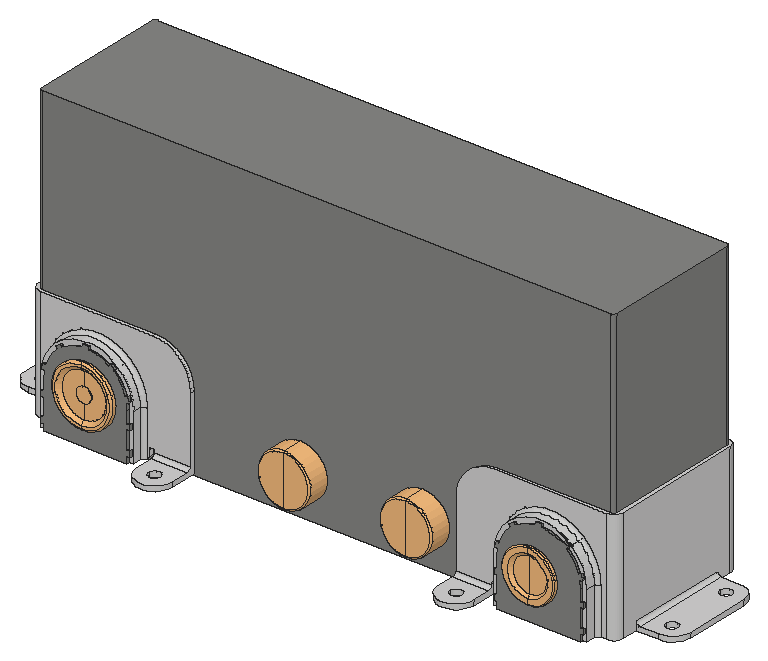
Revit family "Valve-Three_Outlet_Thermostatic-KOHLER-26341W_1", category Plumbing Fixtures, host Face, Revit 2017 (continued)
Definition of nested family "26341W"
  Automatic sketch dimensions
    curve 143 to curve 146 = 0"  (x2)
    curve 143 to curve 147 = 0"  (x2)
    curve 143 to curve 148 = 0"  (x2)
    curve 143 to curve 149 = 0"  (x2)
    curve 143 to curve 150 = 0"  (x2)
    curve 144 to curve 145 = 0"  (x2)
    curve 144 to curve 146 = 0"  (x2)
    curve 144 to curve 147 = 0"  (x2)
    curve 144 to curve 148 = 0"  (x2)
    curve 144 to curve 149 = 0"  (x2)
    curve 144 to curve 150 = 0"  (x2)
    curve 145 to curve 146 = 0"  (x2)
    curve 145 to curve 147 = 0"  (x2)
    curve 145 to curve 148 = 0"  (x2)
    curve 145 to curve 149 = 0"  (x2)
    curve 145 to curve 150 = 0"  (x2)
    curve 146 to curve 147 = 0"  (x2)
    curve 146 to curve 148 = 0"  (x2)
    curve 146 to curve 149 = 0"  (x2)
    curve 146 to curve 150 = 0"  (x2)
    curve 147 to curve 148 = 0"  (x2)
    curve 147 to curve 149 = 0"  (x2)
    curve 147 to curve 150 = 0"  (x2)
    curve 148 to curve 149 = 0"  (x2)
    curve 148 to curve 150 = 0"  (x2)
    curve 149 to curve 150 = 0"  (x2)
    curve 204 to curve 205 = 0"  (x2)
    curve 204 to curve 206 = 0"  (x2)
    curve 204 to curve 207 = 0"  (x2)
    curve 205 to curve 206 = 0"  (x2)
    curve 205 to curve 207 = 0"  (x2)
    curve 206 to curve 207 = 0"  (x2)
    curve 212 to curve 213 = 0"  (x2)
    curve 212 to curve 214 = 0"  (x2)
    curve 212 to curve 215 = 0"  (x2)
    curve 213 to curve 214 = 0"  (x2)
    curve 213 to curve 215 = 0"  (x2)
    curve 214 to curve 215 = 0"  (x2)
    curve 49 to plane 10 = 0"
    curve 40 to level = 0"
    curve 38 to plane 9 "1" = 0"
    curve 75 to level = 0"
    plane 20 to curve 215 = 0"
    curve 207 to plane 11 "A" = 0"
    plane 18 "3" to curve 207 = 0"
    curve 140 to plane 10 = 0"
    curve 132 to level = 0"
    plane 8 "2" to curve 149 = 0"
    curve 97 to level = 0"
    curve 146 to plane 11 "A" = 0"
    curve 214 to plane 11 "A" = 0"
    curve 33 to plane 10 = 0"
    curve 58 to plane 9 "1" = 0.04432"
    curve 56 to curve 58 = 0.43249"
    curve 55 to curve 56 = 0.03644"
    curve 54 to curve 56 = 0.09307"
    curve 55 to curve 53 = 0.03644"
    plane 10 to curve 51 = 0.26874"
    curve 51 to curve 54 = 0.24912"
    plane 10 to curve 52 = 0.15414"
    curve 52 to curve 51 = 0.02857"
    level to curve 40 = 0.1378"
    curve 40 to plane 9 "1" = 0.86125"
    curve 44 to curve 40 = 0"
    curve 47 to curve 44 = 0"
    plane 10 to curve 50 = 0.28306"
    curve 50 to curve 53 = 0.05742"
    curve 45 to curve 44 = 0.05906"
    curve 43 to curve 43 = 0.05906"
    plane 10 to curve 70 = 0.00264"
    curve 70 to curve 48 = 0.09843"
    plane 10 to curve 71 = 0.00659"
    curve 71 to curve 70 = 0.07874"
    plane 4 to curve 21 = 0.84646"
    curve 73 to curve 49 = 0"
    curve 72 to curve 73 = 0"
    plane 9 "1" to curve 60 = 0.07379"
    curve 61 to curve 63 = 0.43249"
    curve 61 to curve 63 = 0.03644"
    curve 61 to curve 64 = 0.09307"
    curve 65 to curve 64 = 0.03644"
    plane 10 to curve 68 = 0.26874"
    curve 68 to curve 73 = 0.14067"
    plane 10 to curve 66 = 0.15414"
    curve 65 to curve 66 = 0.02857"
    curve 75 to curve 84 = 0.09843"
    curve 78 to curve 75 = 0"
    plane 10 to curve 67 = 0.28306"
    curve 65 to curve 67 = 0.05742"
    curve 75 to curve 76 = 0.05906"
    curve 82 to curve 82 = 0.05906"
    curve 30 to curve 85 = 0.00197"
    curve 27 to curve 26 = 0.05118"
    curve 24 to curve 24 = 0.05906"
    curve 22 to plane 14 = 0.41339"
    level to curve 28 = 0.01969"
    plane 14 to curve 28 = 0.37402"
    plane 20 to curve 199 = 0.55703"
    curve 200 to curve 196 = 0.01718"
    curve 200 to plane 3 "Center (Left/Right)" = 0.01569"
    curve 199 to curve 197 = 0.01718"
    level to curve 93 = 0.01969"
    plane 17 to curve 93 = 0.37401"
    curve 90 to plane 17 = 0.37402"
    curve 86 to plane 17 = 0.41339"
    curve 89 to curve 89 = 0.05906"
    plane 10 to curve 142 = 0.00659"
    curve 142 to plane 17 = 0.54135"
    curve 142 to curve 95 = 0.00197"
    plane 10 to curve 141 = 0.00264"
    curve 129 to curve 141 = 0.07874"
    curve 130 to curve 139 = 0.03937"
    curve 141 to curve 133 = 0.03937"
    plane 10 to curve 124 = 0.16845"
    curve 130 to curve 124 = 7/128"
    plane 10 to curve 125 = 0.28306"
    curve 123 to curve 125 = 0.02857"
    curve 134 to curve 135 = 0.05906"
    curve 133 to curve 133 = 0.05906"
    curve 130 to curve 140 = 0.09843"
    level to curve 123 = 1.13839"
    plane 10 to curve 125 = 0.26874"
    plane 8 "2" to curve 119 = 0.44389"
    curve 119 to curve 121 = 0.03644"
    curve 119 to curve 120 = 0.09307"
    curve 119 to curve 120 = 0.03644"
    curve 117 to plane 8 "2" = 0.11811"
    curve 129 to curve 106 = 0"
    curve 130 to curve 106 = 0"
    curve 116 to curve 116 = 0.11811"
    curve 114 to curve 113 = 0.43249"
    curve 114 to curve 112 = 0.03644"
    curve 114 to curve 111 = 0.09307"
    curve 110 to curve 111 = 0.03644"
    plane 10 to curve 108 = 0.26874"
    curve 108 to curve 130 = 0.14067"
    plane 10 to curve 109 = 0.15414"
    curve 110 to curve 109 = 0.02857"
    curve 100 to curve 127 = 0.09843"
    curve 100 to curve 97 = 0"
    plane 10 to curve 107 = 0.28306"
    curve 110 to curve 107 = 0.05742"
    curve 101 to curve 102 = 0.05906"
    curve 97 to curve 99 = 0.05906"
    plane 19 to curve 86 = 0.84646"
    level to curve 95 = 0.01969"
    level to curve 30 = 0.01969"
    curve 84 to curve 76 = 0.11811"
    curve 95 to curve 132 = 0.11811"
    curve 97 to curve 98 = 0.1378"
    curve 26 to curve 24 = 0.14564"
    curve 91 to curve 91 = 0.14564"
    curve 75 to curve 78 = 0.11811"
    curve 41 to curve 42 = 0.11811"
    curve 133 to curve 134 = 0.11811"
    curve 98 to curve 99 = 0.11811"
    plane 11 "A" to curve 137 = 0.25591"
    plane 11 "A" to curve 45 = 0.25591"
    plane 11 "A" to curve 80 = 0.25591"
    plane 11 "A" to curve 103 = 0.25591"
    curve 80 to curve 82 = 0.11811"
    curve 102 to curve 103 = 0.11811"
    curve 136 to curve 140 = 0.11811"
    curve 44 to curve 48 = 0.11811"
    plane 10 to curve 88 = 0.61024"
    plane 10 to curve 23 = 0.61024"
    curve 110 to curve 112 = 0.04664"
    curve 65 to curve 62 = 0.04664"
    curve 121 to curve 119 = 0.04664"
    curve 53 to curve 54 = 0.04664"
    curve 114 to curve 115 = 0.05918"
    curve 57 to curve 58 = 0.05918"
    plane 10 to curve 199 = 2.24135"
    curve 198 to curve 200 = 0.38428"
    curve 199 to curve 194 = 0.47517"
    curve 200 to curve 195 = 0.47517"
    curve 194 to curve 197 = 1.1811"
    curve 195 to curve 194 = 1.1811"
    curve 151 to plane 7 = 0.37402"
    plane 4 to curve 151 = 0.94488"
    level to curve 31 = 0.01969"
    curve 31 to curve 74 = 0.32315"
    plane 3 "Center (Left/Right)" to curve 198 = 0.00149"
    plane 19 to curve 151 = 0.94488"
    level to curve 96 = 0.01969"
    curve 131 to curve 96 = 0.32315"
    curve 88 to curve 94 = 0.09843"
    curve 29 to curve 25 = 0.09839"
    level to curve 207 = 0.33465"
    level to curve 212 = 0.33465"
    level to curve 150 = 0.33465"
    level to curve 36 = 0.34445"
    curve 143 to curve 144 = 0.01969"
    curve 204 to curve 206 = 0.02833"
    curve 212 to curve 213 = 0.02833"
    curve 35 to curve 34 = 0.03942"
    curve 37 to curve 38 = 0.05704"
    curve 144 to curve 145 = 0.11308"
    curve 33 to curve 39 = 0.07881"
    curve 145 to curve 146 = 0.05913"
    plane 15 to Extrusion 1 sketch curve = 0"
    Extrusion 1 sketch curve to plane 16 = 0"
    plane 15 to Extrusion 1 sketch curve = 0.07874"  (x2)
    plane 4 to Extrusion 1 sketch curve = 0.94488"
    Extrusion 1 sketch curve to Extrusion 1 sketch curve = 0.07874"  (x2)
    plane 19 to Extrusion 1 sketch curve = 1.02362"
    plane 4 to Extrusion 2 sketch curve = 0.84646"
    level to Extrusion 2 sketch curve = 0.01969"  (x4)
    Extrusion 2 sketch curve to plane 14 = 0.54331"
    Extrusion 2 sketch curve to Extrusion 2 sketch curve = 0.05118"  (x2)
    Extrusion 2 sketch curve to Extrusion 2 sketch curve = 0.05906"  (x2)
    Extrusion 2 sketch curve to plane 14 = 0.41339"
    plane 14 to Extrusion 2 sketch curve = 0.37402"
    plane 17 to Extrusion 2 sketch curve = 0.37401"
    Extrusion 2 sketch curve to plane 17 = 0.37402"
    Extrusion 2 sketch curve to plane 17 = 0.41339"
    plane 19 to Extrusion 2 sketch curve = 0.84646"
    Extrusion 2 sketch curve to Extrusion 2 sketch curve = 0.14564"  (x2)
    plane 10 to Extrusion 2 sketch curve = 0.61024"  (x2)
    Sweep 3 sketch curve to profile plane = 0"  (x2)
    Sweep 3 sketch curve to profile plane = 0.19685"
    Sweep 4 sketch curve to profile plane = 0"  (x2)
    Sweep 4 sketch curve to profile plane = 0.19685"
    profile plane to Sweep 5 sketch curve = 0"
    Sweep 5 sketch curve to profile plane = 0"
    Sweep 5 sketch curve to Sweep 5 sketch curve = 0.19685"
    profile plane to Sweep 6 sketch curve = 0"
    Sweep 6 sketch curve to profile plane = 0"
    Sweep 6 sketch curve to profile plane = 0.19685"
    Extrusion 7 sketch curve to Extrusion 7 sketch curve = 0"  (x12)
    Extrusion 7 sketch curve to plane 4 = 0"
    Extrusion 7 sketch curve to plane 14 = 0"  (x2)
    Extrusion 7 sketch curve to plane 19 = 0"
    plane 4 to Extrusion 7 sketch curve = 0.37402"  (x2)
    Extrusion 7 sketch curve to Extrusion 7 sketch curve = 0.47244"
    Extrusion 7 sketch curve to plane 15 = 0.07874"  (x2)
    Extrusion 7 sketch curve to plane 14 = 0.37401"  (x2)
    Extrusion 7 sketch curve to plane 16 = 0.07874"  (x2)
    plane 17 to Extrusion 7 sketch curve = 0.374"  (x2)
    Extrusion 7 sketch curve to plane 17 = 0"  (x2)
    plane 15 to Extrusion 7 sketch curve = 0.45276"
    plane 19 to Extrusion 7 sketch curve = 0.84646"
    plane 19 to Extrusion 7 sketch curve = 0.37402"  (x2)
    plane 13 to Extrusion 7 sketch curve = 0.07874"  (x2)
    plane 16 to Extrusion 7 sketch curve = 0.45276"  (x2)
    Extrusion 7 sketch curve to Extrusion 7 sketch curve = 0.01969"  (x4)
    Extrusion 7 sketch curve to plane 1 "Center (Front/Back)" = 0.68898"
    plane 12 to Extrusion 7 sketch curve = 0.07874"  (x2)
    level to Extrusion 8 sketch curve = 0.01969"  (x2)
    Extrusion 8 sketch curve to plane 9 "1" = 0.95968"
    plane 10 to Extrusion 8 sketch curve = 0.00264"
    plane 9 "1" to Extrusion 8 sketch curve = 0.01473"
    plane 10 to Extrusion 8 sketch curve = 0.00659"
    Extrusion 8 sketch curve to plane 17 = 0.62009"
    Extrusion 8 sketch curve to plane 8 "2" = 0.17717"
    Extrusion 9 sketch curve to Extrusion 9 sketch curve = 0"  (x66)
    Extrusion 9 sketch curve to level = 0"  (x2)
    Extrusion 9 sketch curve to plane 10 = 0"  (x3)
    Extrusion 9 sketch curve to plane 9 "1" = 0"
    plane 8 "2" to Extrusion 9 sketch curve = 0"
    Extrusion 9 sketch curve to plane 11 "A" = 0"
    Extrusion 9 sketch curve to plane 9 "1" = 0.04432"
    Extrusion 9 sketch curve to Extrusion 9 sketch curve = 0.43249"  (x3)
    Extrusion 9 sketch curve to Extrusion 9 sketch curve = 0.03644"  (x8)
    Extrusion 9 sketch curve to Extrusion 9 sketch curve = 0.09307"  (x4)
    plane 10 to Extrusion 9 sketch curve = 0.26874"  (x4)
    Extrusion 9 sketch curve to Extrusion 9 sketch curve = 0.24912"  (x3)
    plane 10 to Extrusion 9 sketch curve = 0.15414"  (x3)
    Extrusion 9 sketch curve to Extrusion 9 sketch curve = 0.02857"  (x4)
    Extrusion 9 sketch curve to Extrusion 9 sketch curve = 0.01367"
    plane 10 to Extrusion 9 sketch curve = 0.28306"  (x4)
    Extrusion 9 sketch curve to Extrusion 9 sketch curve = 0.05742"  (x3)
    Extrusion 9 sketch curve to Extrusion 9 sketch curve = 0.05906"  (x9)
    plane 9 "1" to Extrusion 9 sketch curve = 0.07379"
    Extrusion 9 sketch curve to plane 14 = 0.7185"
    plane 11 "A" to Extrusion 9 sketch curve = 0.1378"
    Extrusion 9 sketch curve to plane 17 = 0.65946"
    plane 10 to Extrusion 9 sketch curve = 0.16845"
    Extrusion 9 sketch curve to Extrusion 9 sketch curve = 0.0153"
    level to Extrusion 9 sketch curve = 1.13839"
    plane 8 "2" to Extrusion 9 sketch curve = 0.44389"
    Extrusion 9 sketch curve to plane 8 "2" = 0.11811"
    Extrusion 9 sketch curve to Extrusion 9 sketch curve = 0.11811"  (x9)
    Extrusion 9 sketch curve to Extrusion 9 sketch curve = 0.1378"  (x3)
    level to Extrusion 9 sketch curve = 0.1378"
    plane 11 "A" to Extrusion 9 sketch curve = 0.25591"  (x3)
    Extrusion 9 sketch curve to Extrusion 9 sketch curve = 0.04664"  (x4)
    Extrusion 9 sketch curve to Extrusion 9 sketch curve = 0.05918"  (x2)
    Revolve 10 sketch curve to plane 10 = 0"  (x3)
    Revolve 10 sketch curve to plane 13 = 0"
    Revolve 10 sketch curve to plane 12 = 0"
    Revolve 10 sketch curve to plane 15 = 0"
    Revolve 10 sketch curve to plane 16 = 0"
    Revolve 10 sketch curve to plane 12 = 0.07881"
    plane 10 to Revolve 10 sketch curve = 0.46454"  (x2)
    Revolve 10 sketch curve to plane 13 = 0.07881"
    Revolve 10 sketch curve to Revolve 10 sketch curve = 0.07881"  (x2)
    Revolve 10 sketch curve to Revolve 10 sketch curve = 0.05704"  (x2)
    Revolve 10 sketch curve to Revolve 10 sketch curve = 0.03942"
    Revolve 10 sketch curve to Revolve 10 sketch curve = 0.17527"
    Revolve 10 sketch curve to plane 12 = 0.03942"
    Revolve 10 sketch curve to plane 13 = 0.03942"
    plane 5 to Revolve 10 sketch curve = 0.19685"
    Revolve 10 sketch curve to Revolve 10 sketch curve = 0.07874"
    plane 11 "A" to Revolve 11 sketch curve = 0"  (x3)
    Revolve 11 sketch curve to plane 13 = 0.07881"
    plane 10 to Revolve 11 sketch curve = 0.26086"  (x2)
    Revolve 11 sketch curve to plane 12 = 0.07881"
    Revolve 11 sketch curve to plane 12 = 0.01969"
    Revolve 11 sketch curve to Revolve 11 sketch curve = 0.05913"  (x2)
    Revolve 11 sketch curve to plane 13 = 0.01969"
    Revolve 11 sketch curve to Revolve 11 sketch curve = 0.11308"  (x2)
    Revolve 11 sketch curve to plane 13 = 0.04488"
    Revolve 11 sketch curve to Revolve 11 sketch curve = 0.01969"  (x2)
    Revolve 11 sketch curve to Revolve 11 sketch curve = 0.0252"
    Revolve 11 sketch curve to plane 15 = 0.09843"
    Revolve 11 sketch curve to plane 16 = 0.09843"
    plane 5 to Revolve 11 sketch curve = 0.32325"
    Revolve 11 sketch curve to plane 6 = 0.16487"
    profile plane to Sweep 12 sketch curve = 0"
    Sweep 12 sketch curve to profile plane = 0"
    Sweep 12 sketch curve to Sweep 12 sketch curve = 0.07874"
    Sweep 13 sketch curve to profile plane = 0"
    profile plane to Sweep 13 sketch curve = 0"
    profile plane to Sweep 13 sketch curve = 0.07874"
    profile plane to Sweep 14 sketch curve = 0"
    Sweep 14 sketch curve to profile plane = 0"
    Sweep 14 sketch curve to Sweep 14 sketch curve = 0.07874"
    Extrusion 15 sketch curve to plane 16 = 0.15748"
    Extrusion 15 sketch curve to Extrusion 15 sketch curve = 0.07874"  (x2)
    Extrusion 15 sketch curve to plane 15 = 0.07874"
    level to Extrusion 15 sketch curve = 0.11811"  (x2)
    Extrusion 16 sketch curve to plane 16 = 0.15748"
    Extrusion 16 sketch curve to Extrusion 16 sketch curve = 0.07874"  (x2)
    Extrusion 16 sketch curve to plane 15 = 0.07874"
    level to Extrusion 16 sketch curve = 0.11811"  (x2)
    plane 15 to Masking region 1 sketch curve = 0.11811"  (x2)
    Masking region 1 sketch curve to plane 15 = 0.07874"
    Masking region 1 sketch curve to plane 16 = 0.07874"
    Masking region 1 sketch curve to Masking region 1 sketch curve = 0.19685"
    Masking region 1 sketch curve to Masking region 1 sketch curve = 5.93504"  (x2)
    Masking region 2 sketch curve to plane 4 = 0"
    Masking region 2 sketch curve to level = 0"
    Masking region 2 sketch curve to plane 7 = 0"
    plane 19 to Masking region 2 sketch curve = 0"
    level to Masking region 2 sketch curve = 0.11811"  (x2)
    plane 4 to Masking region 2 sketch curve = 0.76772"
    plane 4 to Masking region 2 sketch curve = 0.84646"
    level to Masking region 2 sketch curve = 0.01969"  (x2)
    Masking region 2 sketch curve to Masking region 2 sketch curve = 0.15104"
    Masking region 2 sketch curve to Masking region 2 sketch curve = 0.02612"  (x2)
    plane 4 to Masking region 2 sketch curve = 0.94488"
    plane 19 to Masking region 2 sketch curve = 0.94488"  (x2)
    Masking region 2 sketch curve to Masking region 2 sketch curve = 0.0723"
    Masking region 2 sketch curve to Masking region 2 sketch curve = 0.07874"
    plane 10 to Masking region 2 sketch curve = 1.39764"  (x2)
    Masking region 3 sketch curve to plane 7 = 0"
    Masking region 3 sketch curve to plane 15 = 0"
    Masking region 3 sketch curve to plane 16 = 0"
    Masking region 3 sketch curve to plane 12 = 0"
    Masking region 3 sketch curve to plane 13 = 0"
    Masking region 3 sketch curve to plane 5 = 0"
    Masking region 3 sketch curve to plane 6 = 0"
    Masking region 3 sketch curve to level = 0"
    Masking region 3 sketch curve to plane 15 = 0.07874"
    plane 10 to Masking region 3 sketch curve = 1.39764"  (x2)
    Masking region 3 sketch curve to Masking region 3 sketch curve = 0.33789"  (x2)
    Masking region 3 sketch curve to plane 16 = 0.07874"
    Masking region 3 sketch curve to Masking region 3 sketch curve = 0.07874"  (x3)
    Masking region 3 sketch curve to Masking region 3 sketch curve = 0.04783"  (x2)
    Masking region 3 sketch curve to plane 12 = 0.05906"
    Masking region 3 sketch curve to Masking region 3 sketch curve = 0.27373"
    Masking region 3 sketch curve to plane 13 = 0.09843"
    Masking region 3 sketch curve to Masking region 3 sketch curve = 0.29337"
    Masking region 3 sketch curve to Masking region 3 sketch curve = 0.05906"
    Masking region 3 sketch curve to Masking region 3 sketch curve = 0.03942"
    level to Masking region 3 sketch curve = 0.38387"  (x2)
    Masking region 3 sketch curve to plane 12 = 0.01969"
    Masking region 3 sketch curve to Masking region 3 sketch curve = 0.02954"
    Masking region 3 sketch curve to plane 13 = 0.04488"
    Masking region 3 sketch curve to Masking region 3 sketch curve = 0.04922"
    Masking region 3 sketch curve to Masking region 3 sketch curve = 0.03076"
    Masking region 3 sketch curve to Masking region 3 sketch curve = 0.11811"
    level to Masking region 3 sketch curve = 0.11811"
    level to Masking region 3 sketch curve = 0.01969"  (x2)
    Masking region 3 sketch curve to plane 12 = 0.03293"
    Masking region 3 sketch curve to Masking region 3 sketch curve = 0.02612"  (x2)
    Masking region 3 sketch curve to Masking region 3 sketch curve = 0.03937"  (x2)
    Masking region 3 sketch curve to Masking region 3 sketch curve = 0.05354"
    Masking region 3 sketch curve to plane 13 = 0.05906"
    Masking region 3 sketch curve to plane 13 = 0.03942"
    curve 173 to plane 16 = 0"
    curve 173 to plane 15 = 0"
    curve 191 to plane 13 = 0"
    curve 172 to plane 12 = 0"
    curve 178 to plane 1 "Center (Front/Back)" = 0"
    curve 177 to level = 0"
    curve 179 to level = 0"
    curve 158 to level = 0"
    curve 160 to level = 0"
    curve 160 to plane 15 = 0"
    curve 179 to plane 16 = 0"
    level to curve 159 = 0.01969"
    curve 208 to curve 208 = 0.1381"
    curve 155 to curve 155 = 0.13977"
    curve 191 to plane 13 = 0.03942"
    curve 191 to curve 176 = 0.32476"
    curve 152 to plane 15 = 0.07874"
    plane 10 to curve 152 = 1.39764"
    curve 157 to plane 12 = 0.1378"
    plane 15 to curve 208 = 0.32889"
    curve 208 to curve 209 = 0.06193"
    plane 16 to curve 155 = 0.45276"
    curve 155 to curve 211 = 0.06314"
    curve 175 to plane 16 = 0.07874"
    curve 176 to plane 13 = 0.1378"
    level to curve 174 = 0.01969"
    curve 192 to curve 177 = 0.01969"
    curve 155 to curve 154 = 0.04134"
    curve 161 to curve 157 = 0.11811"
    curve 180 to curve 192 = 0.11811"
    curve 193 to curve 181 = 0.08854"
    curve 162 to plane 12 = 0.05906"
    curve 162 to curve 161 = 0.11811"
    curve 171 to plane 12 = 0.03942"
    curve 171 to curve 162 = 0.083"
    curve 172 to curve 171 = 0.00554"
    curve 172 to curve 172 = 0.03942"
    curve 191 to curve 190 = 0.03942"
    curve 182 to plane 13 = 0.09843"
    plane 11 "A" to curve 182 = 0.25591"
    curve 163 to curve 172 = 0.24605"
    curve 164 to curve 163 = 0.11811"
    curve 183 to curve 182 = 0.11811"
    plane 10 to curve 184 = 0.15414"
    plane 10 to curve 165 = 0.15414"
    curve 185 to curve 184 = 0.01432"
    curve 166 to curve 165 = 0.01432"
    curve 167 to curve 166 = 0.1146"
    curve 186 to curve 185 = 0.1146"
    curve 190 to curve 186 = 0.35675"
    curve 171 to curve 167 = 0.35675"
    curve 168 to curve 171 = 0.01255"
    curve 187 to curve 190 = 0.01255"
    curve 169 to curve 168 = 0.04664"
    curve 188 to curve 187 = 0.04664"
    curve 170 to curve 169 = 0.07272"
    curve 189 to curve 188 = 0.07272"
    curve 158 to curve 170 = 0.16146"
    curve 177 to curve 189 = 0.16146"
    curve 157 to curve 158 = 0.04783"
    curve 176 to curve 177 = 0.04783"
    curve 173 to plane 7 = 0.26084"
    plane 12 to curve 174 = 0.12123"
    curve 160 to plane 15 = 0.02811"
    curve 179 to plane 16 = 0.02811"
    plane 13 to curve 192 = 0.12123"
    plane 15 to Extrusion 17 sketch curve = 0"
    Extrusion 17 sketch curve to plane 16 = 0"
    plane 4 to Extrusion 17 sketch curve = 0.94488"
    plane 19 to Extrusion 17 sketch curve = 0.94488"
    Extrusion 18 sketch curve to level = 0"  (x2)
    Extrusion 18 sketch curve to plane 9 "1" = 0.86125"
    plane 10 to Extrusion 18 sketch curve = 0.00545"  (x2)
    plane 9 "1" to Extrusion 18 sketch curve = 0.01473"
    plane 8 "2" to Extrusion 18 sketch curve = 0.69882"
    Extrusion 18 sketch curve to plane 8 "2" = 0.17717"
    plane 15 to Extrusion 19 sketch curve = 0"  (x2)
    Extrusion 19 sketch curve to plane 16 = 0"  (x2)
    Extrusion 19 sketch curve to plane 16 = 0.07874"  (x2)
    plane 4 to Extrusion 19 sketch curve = 0.84646"
    Extrusion 19 sketch curve to Extrusion 19 sketch curve = 0.09843"  (x2)
    plane 14 to Extrusion 19 sketch curve = 0.37402"  (x2)
    plane 17 to Extrusion 19 sketch curve = 0.37401"  (x2)
    plane 19 to Extrusion 19 sketch curve = 0.94488"
    Extrusion 19 sketch curve to plane 15 = 0.07874"
    Extrusion 19 sketch curve to Extrusion 19 sketch curve = 0.07874"
    Extrusion 20 sketch curve to Extrusion 20 sketch curve = 0"  (x16)
    Extrusion 20 sketch curve to plane 4 = 0"
    Extrusion 20 sketch curve to plane 5 = 0"  (x2)
    plane 6 to Extrusion 20 sketch curve = 0"  (x2)
    Extrusion 20 sketch curve to plane 19 = 0"
    plane 4 to Extrusion 20 sketch curve = 0.37402"  (x2)
    Extrusion 20 sketch curve to Extrusion 20 sketch curve = 0.47244"
    Extrusion 20 sketch curve to plane 14 = 0.37401"  (x2)
    Extrusion 20 sketch curve to plane 16 = 0.07874"  (x2)
    plane 14 to Extrusion 20 sketch curve = 0"  (x2)
    plane 14 to Extrusion 20 sketch curve = 0.37402"  (x2)
    plane 17 to Extrusion 20 sketch curve = 0.374"  (x2)
    Extrusion 20 sketch curve to plane 17 = 0"  (x2)
    Extrusion 20 sketch curve to plane 15 = 0.07874"  (x2)
    Extrusion 20 sketch curve to plane 17 = 0.37402"  (x2)
    plane 19 to Extrusion 20 sketch curve = 0.84646"
    plane 19 to Extrusion 20 sketch curve = 0.37402"  (x2)
    plane 13 to Extrusion 20 sketch curve = 0.07874"  (x2)
    plane 16 to Extrusion 20 sketch curve = 0.45276"  (x2)
    Extrusion 20 sketch curve to Extrusion 20 sketch curve = 0.35433"  (x4)
    Extrusion 20 sketch curve to plane 1 "Center (Front/Back)" = 0.70866"  (x2)
    plane 12 to Extrusion 20 sketch curve = 0.07874"  (x2)
    Extrusion 20 sketch curve to Extrusion 20 sketch curve = 0.12598"  (x4)
    Extrusion 20 sketch curve to plane 14 = 0.12598"  (x2)
    plane 17 to Extrusion 20 sketch curve = 0.12597"  (x2)
    Extrusion 21 sketch curve to plane 9 "1" = 0"
    Extrusion 21 sketch curve to plane 10 = 0"
    Extrusion 22 sketch curve to plane 9 "1" = 0"
    plane 8 "2" to Extrusion 22 sketch curve = 0"
    Extrusion 22 sketch curve to plane 11 "A" = 0"
    Extrusion 22 sketch curve to plane 10 = 0"
    level to Extrusion 23 sketch curve = 0.11811"  (x2)
    plane 4 to Extrusion 23 sketch curve = 0.76772"
    Extrusion 23 sketch curve to Extrusion 23 sketch curve = 0.07874"  (x2)
    plane 19 to Extrusion 23 sketch curve = 0.84646"
    Revolve 24 sketch curve to plane 15 = 0"
    Revolve 24 sketch curve to plane 16 = 0"
    plane 11 "A" to Revolve 24 sketch curve = 0"  (x3)
    Revolve 24 sketch curve to plane 13 = 0.01969"
    plane 10 to Revolve 24 sketch curve = 0.42443"  (x2)
    Revolve 24 sketch curve to plane 12 = 0.01969"
    Revolve 24 sketch curve to Revolve 24 sketch curve = 0.02833"  (x3)
    Revolve 24 sketch curve to plane 12 = 0.04801"
    plane 5 to Revolve 24 sketch curve = 1.51581"
    plane 6 to Revolve 24 sketch curve = 0.49208"
    Sweep 25 sketch curve to profile plane = 0"
    profile plane to Sweep 25 sketch curve = 0"
    profile plane to Sweep 25 sketch curve = 0.07874"
    Extrusion 26 sketch curve to Extrusion 26 sketch curve = 0"  (x4)
    Extrusion 26 sketch curve to plane 11 "A" = 0"  (x2)
    plane 20 to Extrusion 26 sketch curve = 0"
    plane 18 "3" to Extrusion 26 sketch curve = 0"
    level to Extrusion 26 sketch curve = 0.33465"  (x2)
    Revolve 27 sketch curve to plane 15 = 0"
    Revolve 27 sketch curve to plane 16 = 0"
    plane 11 "A" to Revolve 27 sketch curve = 0"  (x3)
    Revolve 27 sketch curve to plane 13 = 0.01969"
    plane 10 to Revolve 27 sketch curve = 0.42443"  (x2)
    Revolve 27 sketch curve to plane 12 = 0.01969"
    Revolve 27 sketch curve to Revolve 27 sketch curve = 0.02833"  (x3)
    Revolve 27 sketch curve to plane 12 = 0.04801"
    plane 5 to Revolve 27 sketch curve = 1.51581"
    plane 6 to Revolve 27 sketch curve = 0.49208"
    curve 216 to Revolve 28 sketch curve = 0.15748"
    Revolve 28 sketch curve to curve 216 = 0.20097"
    curve 216 to Revolve 28 sketch curve = 0.09752"
    curve 216 to Revolve 28 sketch curve = 0.38443"
    Revolve 29 sketch curve to curve 217 = 0"
    Revolve 29 sketch curve to curve 217 = 0.08207"
    Revolve 29 sketch curve to curve 217 = 0.15748"
    Revolve 29 sketch curve to Revolve 29 sketch curve = 0.9252"
    curve 218 to Revolve 30 sketch curve = 0.49049"
    curve 218 to Revolve 30 sketch curve = 0.73125"
    Revolve 30 sketch curve to curve 218 = 0.15748"
    Revolve 30 sketch curve to Revolve 30 sketch curve = 0.07202"
    curve 216 to plane 20 = 0"
    curve 217 to plane 18 "3" = 0"
    curve 218 to plane 8 "2" = 0"
    plane 16 to Masking region 1 sketch curve = 0.11811"
    plane 4 to Masking region 1 sketch curve = 1.04331"
    Masking region 1 sketch curve to Masking region 1 sketch curve = 1.496"
    Masking region 1 sketch curve to Masking region 1 sketch curve = 1.23031"
    Masking region 1 sketch curve to plane 3 "Center (Left/Right)" = 0"
    plane 15 to curve 14 = 0"
    curve 17 to plane 16 = 0"
    plane 16 to curve 16 = 0.07874"
    plane 4 to curve 16 = 0.94488"
    curve 15 to curve 15 = 0.07874"
    plane 19 to curve 14 = 1.02362"
    plane 19 to curve 17 = 1.02362"
    curve 219 to curve 19 = 0.07874"
    radius of Extrusion 7 sketch curve = 0.12598"  (x8)
    radius of Extrusion 9 sketch curve = 0.54335"
    radius of Extrusion 9 sketch curve = 0.41841"
    radius of Extrusion 21 sketch curve = 0.15748"
    radius of Extrusion 22 sketch curve = 0.63981"
    radius of Extrusion 22 sketch curve = 0.55118"
